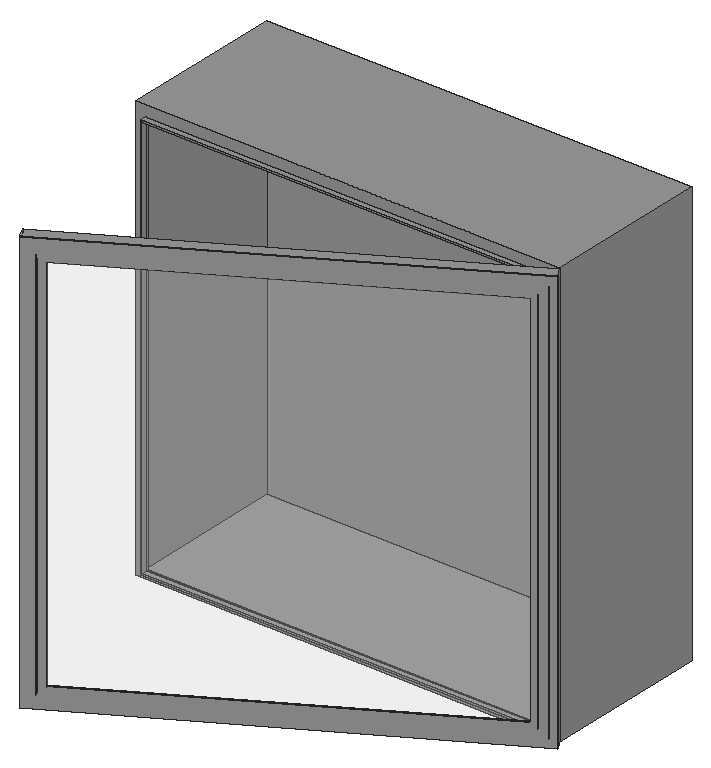
Revit family "Hager-Orion_Inox-IP66-D250-Cl.I-Inox_encl-630A-600mm-NoHosted-CH-en", category Electrical Equipment, Revit 2020
Family settings
  Panel Configuration = Two Columns, Circuits Across
  Round Connector Dimension = Use Diameter
  Part Type = Panelboard
  Work Plane-Based = Yes
  Always vertical = Yes
  Cut with Voids When Loaded = No
  Shared = No
  Room Calculation Point = No
Parameters (values of type "Surface mounted (plaster) IP66 W600 H600 D250  - FL029TWL")
  Width Control [instance] = if([EF000008 - Width] > Min Width, [EF000008 - Width], Min Width)  # 600 mm
  Type Comments = [HG000003 - Range]  # "Orion Inox"
  Thickness Door [instance] = if([EF009171 - Material plate thickness door/cover] > 3 mm, 3 mm, [EF009171 - Material plate thickness door/cover])  # 1.5 mm
  Seal Frame Offset [instance] = 17 mm  # constant formula
  Min Width [instance] = 100 mm  # constant formula
  Min Depth [instance] = (2 * [EF009170 - Material plate thickness cabinet]) + 1 mm  # 4 mm
  Min Height [instance] = 100 mm  # constant formula
  Internal Frame Depth [instance] = -(Door System Depth * 0.5)  # -9 mm
  Panel Name [instance] = ""  # (empty or 0)
  Model = ""
  HG000027 - Plinth height = 0 mm
  HG000026 - Floor standing = no
  HG000024 - Bottom section height = 600 mm
  HG000023 - Double section enclosure = no
  HG000016 - Door 3d visibility [instance] = yes
  HG000015 - Clearance visibility [instance] = no
  HG000014 - Door on the right [instance] = yes
  HG000013 - Door on the left [instance] = not([HG000014 - Door on the right])  # no
  HG000012 - Door swing angle [instance] = 30.00°
  HG000010 - Asymmetric doors = no
  HG000009 - Double swing door = no
  HG000006 - Flush mounted = no
  HG000004 - Manufacturer reference = "FL029TWL"
  HG000003 - Range = "Orion Inox"
  HG000002 - With door or cover = yes
  Frame Offset Bottom [instance] = 10 mm  # constant formula
  Frame Offset [instance] = 15 mm  # constant formula
  EF015940 - Cover with overpressure release = no
  EF011959 - Degree of protection (NEMA) = ""
  EF009554 - Number of openings for flange plates = 0
  EF009212 - Cover model = "EV000116 - Closed"
  EF009171 - Material plate thickness door/cover = 1.5 mm
  EF009170 - Material plate thickness cabinet = 1.5 mm
  EF008873 - Nominal current (In) = 630 A
  EF007800 - Suitable for lightning protection = no
  EF006306 - With lock = yes
  EF006244 - Transparent cover/door = yes
  EF005474 - Degree of protection (IP) = "EV006422 - IP66"
  EF004464 - Type of door = "EV002646 - Single"
  EF004427 - Number of modules = 0
  EF004293 - Impact strength = "EV006814 - IK08"
  EF003532 - Suitable for outdoor use = yes
  EF002950 - Width in number of modular spacings = 0
  EF001613 - Circuit integrity = "EV000494 - None"
  EF001596 - Material housing = "EV000166 - Stainless steel"
  EF001131 - Internal depth = 216 mm
  EF001088 - Extension possible = yes
  EF000437 - Number of conduit inlets = 0
  EF000339 - Type of cover = "EV004216 - Door"
  EF000266 - Number of rows = 0
  EF000218 - Built-in depth = 0 mm
  EF000118 - With mounting plate = no
  EF000116 - RAL-number = ""
  EF000049 - Depth = 250 mm
  EF000040 - Height = 600 mm
  EF000008 - Width = 600 mm
  EF000007 - Colour = "EV000154 - Other"
  EF000003 - Mounting method = "EV000384 - Surface mounted (plaster)"
  Door System Leaf Tolerance [instance] = 1.5 mm  # constant formula
  Door System Depth [instance] = 18 mm  # constant formula
  Description = ""
  Default Elevation = 1219.2 mm
  Connector Offset [instance] = Height Control / 2  # 300 mm
  Manufacturer = "Hager"  # constant formula
  Height Control [instance] = if([EF000040 - Height] > Min Height, [EF000040 - Height], Min Height)  # 600 mm
  Depth Control [instance] = if([EF000049 - Depth] > Min Depth, [EF000049 - Depth], Min Depth)  # 250 mm
Types (4, lengths in mm): name | Width Control | HG000004 - Manufacturer reference | EF009212 - Cover model | EF006306 - With lock | EF006244 - Transparent cover/door | EF004293 - Impact strength | EF001613 - Circuit integrity | EF000008 - Width
  Surface mounted (plaster) IP66 W400 H600 D250  - FL029BW | 400 | "FL029BW" | "EV009916 - With notch" | no | no | "EV008784 - IK10" | "" | 400
  Surface mounted (plaster) IP66 W600 H600 D250  - FL029BWL | 600 | "FL029BWL" | "EV009916 - With notch" | no | no | "EV008784 - IK10" | "" | 600
  Surface mounted (plaster) IP66 W600 H600 D250  - FL029TW | 600 | "FL029TW" | "EV000116 - Closed" | yes | yes | "EV006814 - IK08" | "EV000494 - None" | 600
  Surface mounted (plaster) IP66 W600 H600 D250  - FL029TWL | 600 | "FL029TWL" | "EV000116 - Closed" | yes | yes | "EV006814 - IK08" | "EV000494 - None" | 600
Reference planes
  plane 1 "Center (Front/Back)": y = 0
  plane 2: z = 0
  plane 3 "Center (Left/Right)": x = 0
  plane 4: y = 0
  plane 5: y = 0
  plane 6: z = 0
  plane 7: x = -300
  plane 8: x = 300
  plane 9: x = 298.5
  plane 10: x = -298.5
  plane 11: z = 0
  plane 12: z = 1.5
  plane 13: y = -250
  plane 14: y = -1.5
  plane 15: x = 0
  plane 16: y = -232
  plane 17: y = -248.5
  plane 18: y = -230.5
  plane 19: x = -283.5
  plane 20: x = 283.5
  plane 21: z = 11.5
  plane 22: x = -283
  plane 23: x = 283
  plane 24: z = 0
  plane 25: z = 600
  plane 26: z = 600
  plane 27: z = 583.5
  plane 28: z = 598.5
Forms (mm)
  Extrusion 1, solid, material "Hager_Stainless_Steel", detail levels medium+fine
    sketch origin (-208.679, -4572, 0) x (-1, 0, 0) y (0, -1, 0)
      loop
        line (91.321, -4340) -> (-508.679, -4340) -> (-508.679, -4572) -> (91.321, -4572) -> (91.321, -4340)
    from 0 to 600
  Extrusion 2, void
    sketch origin (-350.771, -250, 1219.2) x (1, 0, 0) y (0, 0, 1)
      loop
        line (52.271, -620.7) -> (52.271, -1217.7) -> (649.271, -1217.7) -> (649.271, -620.7) -> (52.271, -620.7)
    from -19.5 to -248.5
  Extrusion 3, void
    sketch origin (-290.084, -232, 1219.2) x (1, 0, 0) y (0, 0, 1)
      loop
        line (6.584, -1207.7) -> (573.584, -1207.7) -> (573.584, -635.7) -> (6.584, -635.7) -> (6.584, -1207.7)
    from 0 to -1.5
  Extrusion 4, solid, material "Hager_Stainless_Steel", detail levels fine
    sketch origin (-290.084, -232, 1219.2) x (-1, 0, 0) y (0, 0, 1)
      loop
        line (-573.584, -1207.7) -> (-6.584, -1207.7) -> (-6.584, -635.7) -> (-573.584, -635.7) -> (-573.584, -1207.7)
      loop
        line (-575.084, -1209.2) -> (-5.084, -1209.2) -> (-5.084, -634.2) -> (-575.084, -634.2) -> (-575.084, -1209.2)
    from 0 to -9 <- "Internal Frame Depth"
  Extrusion 5, solid, material "Hager_Stainless_Steel", detail levels coarse
    sketch origin (0, 0, 0) x (1, 0, 0) y (0, 1, 0)
      loop
        line (-300, 0) -> (-300, -250) -> (300, -250) -> (300, 0) -> (-300, 0)
    from 0 to 600 <- "Height Control"
Cuts and joins
  Extrusion 2, Extrusion 3 cuts Extrusion 1
Lines and regions (mm)
  Masking region 1
    outline origin (0, 0, 0) x (1, 0, 0) y (0, 1, 0)
      loop
        line (-300, 0) -> (-300, -250) -> (300, -250) -> (300, 0) -> (-300, 0)
  Masking region 2
    outline origin (-290.084, -232, 1219.2) x (-1, 0, 0) y (0, 0, 1)
      loop
        line (-590.084, -1219.2) -> (9.916, -1219.2) -> (9.916, -619.2) -> (-590.084, -619.2) -> (-590.084, -1219.2)
  Masking region 3, detail levels coarse
    outline origin (0, 0, 0) x (0, 1, 0) y (0, 0, 1)
      loop
        line (0, 0) -> (0, 600) -> (-250, 600) -> (-250, 0) -> (0, 0)
  Masking region 4, detail levels medium+fine
    outline origin (0, 0, 594.038) x (0, 1, 0) y (0, 0, 1)
      loop
        line (0, -594.038) -> (0, 5.962) -> (-232, 5.962) -> (-232, -594.038) -> (0, -594.038)
Dimensions and locks
  locked: plane 1 "Center (Front/Back)" to plane 5
  "EF009170 - Material plate thickness cabinet": plane 7 to plane 10
  "EF009170 - Material plate thickness cabinet": plane 8 to plane 9
  equal spacing: plane 7, plane 3 "Center (Left/Right)", plane 8
  "Width Control": plane 7 to plane 8
  "Depth Control": plane 4 to plane 13
  "EF009170 - Material plate thickness cabinet": plane 4 to plane 14
  "Height Control": plane 25 to level
  "EF009170 - Material plate thickness cabinet": plane 12 to plane 11
  "EF009170 - Material plate thickness cabinet": plane 17 to plane 13
  "EF009170 - Material plate thickness cabinet": plane 18 to plane 16
  "Frame Offset Bottom": plane 21 to plane 12
  "Frame Offset": plane 10 to plane 19
  "Frame Offset": plane 9 to plane 20
  "Door System Depth": plane 16 to plane 13
  "Seal Frame Offset": plane 7 to plane 22
  "Seal Frame Offset": plane 8 to plane 23
  "EF009170 - Material plate thickness cabinet": plane 26 to plane 28
  "Frame Offset": plane 28 to plane 27
  "Connector Offset": plane 2 to connector elem
  "Thickness Door": cut or joined group of Extrusion 1, Extrusion 2, Extrusion 3 to Extrusion 4 sketch curve
  "Thickness Door": Extrusion 4 sketch curve to plane 19
  "Thickness Door": Extrusion 4 sketch curve to plane 20
  "Thickness Door": Extrusion 4 sketch curve to plane 27
  aligned and locked: Extrusion 2 sketch curve to plane 12
  aligned and locked: Extrusion 2 sketch curve to plane 9
  aligned and locked: Extrusion 2 sketch curve to plane 10
  aligned and locked: plane 14 to Extrusion 2
  aligned and locked: plane 4 to Extrusion 1 sketch curve
  aligned and locked: plane 8 to Extrusion 1 sketch curve
  aligned and locked: plane 7 to Extrusion 1 sketch curve
  aligned and locked: Extrusion 2 to plane 18
  aligned and locked: Extrusion 3 sketch curve to plane 19
  aligned and locked: plane 20 to Extrusion 3 sketch curve
  aligned and locked: Extrusion 3 to Extrusion 2
  aligned and locked: Extrusion 3 sketch curve to plane 21
  aligned and locked: plane 3 "Center (Left/Right)" to nested 1
  aligned and locked: Extrusion 1 sketch curve to plane 16
  aligned and locked: Masking region 1 sketch curve to plane 7
  aligned and locked: Masking region 1 sketch curve to plane 5
  aligned and locked: Masking region 1 sketch curve to plane 8
  aligned and locked: Masking region 2 sketch curve to level
  aligned and locked: level to Masking region 3 sketch curve
  aligned and locked: plane 1 "Center (Front/Back)" to Masking region 3 sketch curve
  aligned and locked: plane 13 to Masking region 3 sketch curve
  aligned and locked: Masking region 2 sketch curve to plane 8
  aligned and locked: Masking region 2 sketch curve to plane 7
  aligned and locked: plane 7 to nested 2
  aligned and locked: nested 2 to plane 5
  aligned and locked: plane 5 to Masking region 4 sketch curve
  aligned and locked: plane 26 to Masking region 4 sketch curve
  aligned and locked: Extrusion 5 sketch curve to plane 8
  aligned and locked: Extrusion 5 sketch curve to plane 7
  aligned and locked: Extrusion 5 sketch curve to plane 5
  aligned and locked: Extrusion 3 sketch curve to plane 27
  aligned and locked: Extrusion 2 sketch curve to plane 28
  aligned and locked: Extrusion 4 sketch curve to plane 27
  aligned and locked: Extrusion 4 sketch curve to plane 20
  aligned and locked: Extrusion 4 sketch curve to plane 21
  aligned and locked: Extrusion 4 sketch curve to plane 19
  aligned and locked: Masking region 2 to plane 25
  aligned and locked: Masking region 4 sketch curve to plane 24
  aligned and locked: Masking region 1 to plane 13
  aligned and locked: nested 1 to plane 16
  aligned and locked: Masking region 3 to plane 25
  aligned and locked: Masking region 4 sketch curve to plane 16
  aligned and locked: plane 24 to plane 11
  aligned and locked: plane 26 to plane 25
  aligned and locked: level to plane 24
  aligned and locked: Extrusion 1 to Masking region 3
  aligned and locked: level to nested 1
Automatic sketch dimensions
  Extrusion 5 sketch curve to plane 13 = 0 mm
  plane 27 to Masking region 2 sketch curve = 16.5 mm
  plane 27 to Masking region 3 sketch curve = 16.5 mm
  Masking region 1 sketch curve to plane 13 = 0 mm
  Extrusion 3 sketch curve to plane 21 = 0 mm
  plane 19 to Extrusion 3 sketch curve = 0 mm
  Extrusion 3 sketch curve to plane 20 = 0 mm
Nested families
  nested 1: "EC000058_OrionInox_Door" at (0, -232, 0), Double <- "HG000009 - Double swing door", Transparent <- "EF006244 - Transparent cover/door", Angle <- "HG000012 - Door swing angle", Door_Right <- "HG000014 - Door on the right", Assymetrical <- "HG000010 - Asymmetric doors", Door <- "HG000002 - With door or cover", Width_Ctrl <- "Width Control", 3d_Door <- "HG000016 - Door 3d visibility", Clearance <- "HG000015 - Clearance visibility", Door_Left <- "HG000013 - Door on the left", Width <- "Width Control", Door_Depth <- "Door System Depth", Leaf_Tolerance <- "Door System Leaf Tolerance", Height <- "Height Control", Thickness <- "Thickness Door", type "EC000058_OrionInox_Door", detail levels medium+fine
    with min_wh 4 mm, Width_Ctrl 600 mm, Width 600 mm, Transparent yes, Thickness 1.5 mm, Seal_Material Hager_Rubber, Leaf_Width 600 mm, Leaf_Tolerance_External_Sides 0 mm, Leaf_Tolerance 1.5 mm, Leaf_Offset 0 mm, Leaf_Height 597 mm, Leaf_2_Width 600 mm, Leaf_2_Offset 300 mm, Leaf_1_Width 600 mm, Leaf_1_Offset 300 mm, Height_Ctrl 600 mm, Height 600 mm, Glass_Material Hager_Glass, Double_Clearance_Ctrl no, Double no, Door_Right_Ctrl yes, Door_Right yes, Door_Material Hager_Stainless_Steel, Door_Left_Ctrl no, Door_Left no, Door_Depth 18 mm, Door yes, Clearance_Material Hager_Clearance, Clearance_Depth 600 mm, Clearance_Ctrl no, Clearance no, Assymetrical no, Angle 30.00°, 3d_Door yes
  nested 2: "Hager_Enclosure_Symbol" at (-300, 0, 0), Height <- "Depth Control", Width <- "Width Control", type "Hager_Enclosure_Symbol"
    with Width_Ctrl 600 mm, Width 600 mm, Height_Ctrl 250 mm, Height 250 mm, A_Width_Int 16.406 mm, A_Width 196.875 mm, A_Height_Ctrl 218.75 mm, A_Height 218.75 mm
Connectors
  electrical at (0, 0, 300)
    settings: on plane 1 "Center (Front/Back)", index 1, voltage 0 V, apparent load 0 VA, apparent load phase1 0 VA, apparent load phase2 0 VA, apparent load phase3 0 VA, power factor 1, load classification "Other", number of poles 1, system type 30, power factor state 1, is connector primary yes, connector utility no, sub classification motor no, connector description ""
Definition of nested family "EC000058_OrionInox_Door"
  Parameters (values of type "EC000058_OrionInox_Door")
    min_wh [instance] = (2 * Thickness) + 1 mm  # 11 mm
    Width_Ctrl [instance] = 400 mm
    Width [instance] = 500 mm
    Transparent [instance] = yes
    Thickness [instance] = 5 mm
    Seal_Material [instance] = none
    Leaf_Width [instance] = if((Width_Ctrl - 2 * Leaf_Tolerance_External_Sides) > 0 mm, (Width_Ctrl - 2 * Leaf_Tolerance_External_Sides), min_wh)  # 400 mm
    Leaf_Tolerance_External_Sides [instance] = 0 mm  # constant formula
    Leaf_Tolerance [instance] = 1.5 mm
    Leaf_Offset [instance] = 0 mm  # constant formula
    Leaf_Height [instance] = if((Height_Ctrl - 2 * Leaf_Tolerance) > 0 mm, (Height_Ctrl - 2 * Leaf_Tolerance), min_wh)  # 497 mm
    Leaf_2_Width [instance] = if(and(and(Double, Assymetrical), Door_Left), (Leaf_Width / 3) - (Leaf_Tolerance / 2), if(and(and(Double, Assymetrical), Door_Right), (Leaf_Width / 3) * 2 - (Leaf_Tolerance / 2), if(and(Double, not(Assymetrical)), (Leaf_Width / 2) - Leaf_Tolerance, Leaf_Width)))  # 400 mm
    Leaf_2_Offset [instance] = if(and(Double, Assymetrical), Leaf_2_Width / 2, if(and(Double, not(Assymetrical)), Leaf_Width / 4, Leaf_Width / 2))  # 200 mm
    Leaf_1_Width [instance] = if(and(and(Double, Assymetrical), Door_Right), (Leaf_Width / 3) - (Leaf_Tolerance / 2), if(and(and(Double, Assymetrical), Door_Left), (Width / 3) * 2 - (Leaf_Tolerance / 2), if(and(Double, not(Assymetrical)), (Leaf_Width / 2) - Leaf_Tolerance, Leaf_Width)))  # 400 mm
    Leaf_1_Offset [instance] = if(and(Double, Assymetrical), Leaf_1_Width / 2, if(and(Double, not(Assymetrical)), Leaf_Width / 4, Leaf_Width / 2))  # 200 mm
    Height_Ctrl [instance] = if(Height > min_wh, Height, min_wh)  # 500 mm
    Height [instance] = 500 mm
    Glass_Material [instance] = none
    Double_Clearance_Ctrl [instance] = and(Double, Clearance)  # no
    Double [instance] = no
    Door_Right_Ctrl [instance] = and(or(Door_Right, Double), Door)  # yes
    Door_Right [instance] = yes
    Door_Material [instance] = none
    Door_Left_Ctrl [instance] = and(or(Door_Left, Double), Door)  # no
    Door_Left [instance] = no
    Door_Depth [instance] = 30 mm
    Door [instance] = yes
    Default Elevation = 1219.2 mm
    Clearance_Material [instance] = none
    Clearance_Depth [instance] = if(Leaf_1_Width > Leaf_2_Width, Leaf_1_Width, Leaf_2_Width)  # 400 mm
    Clearance_Ctrl [instance] = and(not(Double), Clearance)  # yes
    Clearance [instance] = yes
    Assymetrical [instance] = yes
    Angle [instance] = 30.00°
    3d_Door [instance] = yes
  Reference planes
    plane 1 "Center (Front/Back)": y = 0
    plane 2 "Bottom": z = 0
    plane 3 "Center (Left/Right)": x = 0
    plane 4: z = 500
    plane 5: x = -200
    plane 6: x = 200
    plane 7: z = 500
    plane 8: x = -200
    plane 9: z = 0
    plane 10: x = 200
    plane 11: y = 0
    plane 12: z = 1.5
    plane 13: x = -600
    plane 14: y = -400
    plane 15: x = 600
    plane 16: x = 0
    plane 17: x = 0
    plane 18: x = -200
    plane 19: x = 200
    plane 20: z = 498.5
  Forms (mm)
    Extrusion 1, solid, material <- "Clearance_Material", visible <- "Double_Clearance_Ctrl"
      sketch origin (1200, 0, 0) x (1, 0, 0) y (0, 0, -1)
        loop
          line (-1800, -498.5) -> (-600, -498.5) -> (-600, 0) -> (-1800, 0) -> (-1800, -498.5)
      from 0 to -400
  Dimensions and locks
    equal spacing: plane 5, plane 3 "Center (Left/Right)", plane 6
    "Width_Ctrl": plane 5 to plane 6
    "Leaf_Offset": plane 5 to plane 8
    "Leaf_Offset": plane 6 to plane 10
    "Leaf_Offset": plane 9 to level
    "Leaf_Offset": plane 4 to plane 7
    "Height_Ctrl": plane 4 to level
    "Leaf_Tolerance": plane 12 to plane 9
    locked: plane 11 to plane 1 "Center (Front/Back)"
    "Leaf_1_Offset": plane 18 to plane 16
    "Leaf_2_Offset": plane 17 to plane 19
    "Leaf_1_Width": plane 13 to plane 8
    "Leaf_2_Width": plane 10 to plane 15
    "Clearance_Depth": plane 14 to plane 1 "Center (Front/Back)"
    "Leaf_Tolerance_External_Sides": plane 8 to plane 18
    "Leaf_Tolerance_External_Sides": plane 19 to plane 10
    "Leaf_Tolerance": plane 7 to plane 20
    aligned and locked: level to plane 2 "Bottom"
    aligned and locked: nested 1 to plane 16
    aligned and locked: nested 2 to plane 17
    aligned and locked: Extrusion 1 to plane 13
    aligned and locked: plane 15 to Extrusion 1
    aligned and locked: Extrusion 1 to plane 14
    aligned and locked: plane 12 to nested 1
    aligned and locked: nested 2 to plane 12
    aligned and locked: Extrusion 1 to plane 11
    aligned and locked: plane 20 to Extrusion 1
    aligned and locked: nested 2 to plane 11
    aligned and locked: nested 1 to plane 11
  Automatic sketch dimensions
    Extrusion 1 sketch curve to level = 0 mm
    plane 5 to Extrusion 1 sketch curve = 400 mm
    plane 6 to Extrusion 1 sketch curve = 400 mm
    Extrusion 1 sketch curve to plane 4 = 1.5 mm
  Nested families
    nested 1: "EC000058_OrionInox_Door_Leaf" at (0, 0, 1.5), Width <- "Leaf_1_Width", visible <- "Door_Left_Ctrl", Leaf_Height <- "Leaf_Height", Angle <- "Angle", 3d_Door <- "3d_Door", Transparent <- "Transparent", Clearance Material <- "Clearance_Material", Clearance <- "Clearance_Ctrl", Door_Material <- "Door_Material", Glass_Material <- "Glass_Material", Door_Depth <- "Door_Depth", Seal_Material <- "Seal_Material", Thickness <- "Thickness", type "EC000058_OrionInox_Door_Leaf"
      with Width 400 mm, Transparent_Ctrl yes, Transparent yes, Thickness 5 mm, Standard no, Seal_Material none, Seal_D2 8 mm, Seal_D1 1 mm, Offset_Internal_Frame 10 mm, Lock_Width 28 mm, Lock_Thickness 2 mm, Lock_Radius 6 mm, Leaf_Height 497 mm, Internal_Seal_Thickness 8 mm, Internal_Seal_Depth_2 4.5 mm, Internal_Frame_Depth 25 mm, Glass_Thickness -1 mm, Glass_Offset -2 mm, Glass_Material none, Door_Material none, Door_Depth 30 mm, Clearance Material none, Clearance yes, Angle_Ctrl 30.00°, Angle 30.00°, 3d_Door yes
    nested 2: "EC000058_OrionInox_Door_Leaf" at (0, 0, 1.5) x (-1, 0, 0) z (0, 0, 1), Width <- "Leaf_2_Width", visible <- "Door_Right_Ctrl", Leaf_Height <- "Leaf_Height", Angle <- "Angle", 3d_Door <- "3d_Door", Transparent <- "Transparent", Clearance Material <- "Clearance_Material", Clearance <- "Clearance_Ctrl", Door_Material <- "Door_Material", Glass_Material <- "Glass_Material", Door_Depth <- "Door_Depth", Seal_Material <- "Seal_Material", Thickness <- "Thickness", type "EC000058_OrionInox_Door_Leaf"
      with Width 400 mm, Transparent_Ctrl yes, Transparent yes, Thickness 5 mm, Standard no, Seal_Material none, Seal_D2 8 mm, Seal_D1 1 mm, Offset_Internal_Frame 10 mm, Lock_Width 28 mm, Lock_Thickness 2 mm, Lock_Radius 6 mm, Leaf_Height 497 mm, Internal_Seal_Thickness 8 mm, Internal_Seal_Depth_2 4.5 mm, Internal_Frame_Depth 25 mm, Glass_Thickness -1 mm, Glass_Offset -2 mm, Glass_Material none, Door_Material none, Door_Depth 30 mm, Clearance Material none, Clearance yes, Angle_Ctrl 30.00°, Angle 30.00°, 3d_Door yes
  Definition of nested family "EC000058_OrionInox_Door_Leaf"
    Parameters (values of type "EC000058_OrionInox_Door_Leaf")
      Width [instance] = 450 mm
      Transparent_Ctrl [instance] = and(Transparent, [3d_Door])  # yes
      Transparent [instance] = yes
      Thickness [instance] = 5 mm
      Standard [instance] = and(not(Transparent), [3d_Door])  # no
      Seal_Material [instance] = none
      Seal_D2 [instance] = 8 mm  # constant formula
      Seal_D1 [instance] = 1 mm  # constant formula
      Offset_Internal_Frame [instance] = 10 mm  # constant formula
      Lock_Width [instance] = Door_Depth - Lock_Thickness  # 28 mm
      Lock_Thickness [instance] = 2 mm  # constant formula
      Lock_Radius [instance] = 6 mm  # constant formula
      Leaf_Height [instance] = 450 mm
      Internal_Seal_Thickness [instance] = 8 mm  # constant formula
      Internal_Seal_Depth_2 [instance] = 4.5 mm  # constant formula
      Internal_Frame_Depth [instance] = if(Door_Depth - Thickness > 5 mm, Door_Depth - Thickness, 5 mm)  # 25 mm
      Glass_Thickness [instance] = if(Thickness > 15 mm, Glass_Offset + 10 mm, -1 mm)  # -1 mm
      Glass_Offset [instance] = if(Thickness > 15 mm, -(Thickness + 10 mm) / 2, -2 mm)  # -2 mm
      Glass_Material [instance] = none
      Door_Material [instance] = none
      Door_Depth [instance] = 30 mm
      Default Elevation = 0 mm
      Clearance Material [instance] = none
      Clearance [instance] = yes
      Angle_Ctrl [instance] = if(Angle > 180.00°, 180.00°, Angle)  # 90.00°
      Angle [instance] = 90.00°
      3d_Door [instance] = yes
    Reference planes
      plane 1 "Center (Front/Back)": y = 0
      plane 2: z = 0
      plane 3 "Center (Left/Right)": x = 0
      plane 4: y = 450
      plane 5: x = -225
      plane 6: x = 225
      plane 7: x = -675
      plane 8: z = 450
      plane 9: z = 30
      plane 10: z = 420
      plane 11: x = 195
      plane 12: x = -195
      plane 13: y = -3
      plane 14: z = 107.833
      plane 15: y = -5
      plane 16: y = -223.314
      plane 17: x = -225
      plane 18: y = 30
    Forms (mm)
      Extrusion 1, solid, material <- "Clearance Material", visible <- "Clearance"
        sketch origin (0, 0, 0) x (1, 0, 0) y (0, 0, 1)
          loop
            line (-675, 450) -> (-675, 0) -> (225, 0) -> (225, 450) -> (-675, 450)
        from 0 to -450
      Extrusion 2, solid, material <- "Door_Material", visible <- "Standard", detail levels medium+fine
        sketch origin (-225, 0, 0) x (0, 1, 0) y (-1, 0, 0)
          loop
            line (0, 30) -> (0, 25) -> (450, 25) -> (450, 30) -> (0, 30)
        from 0 to 450 <- "Leaf_Height"
      Extrusion 3, solid, material <- "Door_Material", visible <- "Transparent_Ctrl", detail levels medium+fine
        sketch origin (-225, 0, 0) x (0, 1, 0) y (-1, 0, 0)
          loop
            line (0, 25) -> (450, 25) -> (450, 30) -> (0, 30) -> (0, 25)
        from 0 to 450 <- "Leaf_Height"
      Extrusion 4, void
        sketch origin (-250, 450, 0) x (0, 1, 0) y (0, 0, -1)
          loop
            line (-30, -420) -> (-30, -30) -> (-420, -30) -> (-420, -420) -> (-30, -420)
        from 0 to 5 <- "Thickness"
      Sweep 5, solid, material <- "Seal_Material", visible <- "Transparent_Ctrl", detail levels fine
        path in 3D
          loop
            line (-250, 30, 30) -> (-250, 30, 420) -> (-250, 420, 420) -> (-250, 420, 30) -> (-250, 30, 30)
        profile origin (-250, 225, 30) x (1, 0, 0) y (0, 0, 1)
          loop
            line (0, 0) -> (0, -8) -> (1, -8) -> (1, 0) -> (0, 0)
      Extrusion 6, solid, material <- "Glass_Material", visible <- "Transparent_Ctrl", detail levels medium+fine
        sketch origin (-255, 0, 0) x (0, 1, 0) y (0, 0, -1)
          loop
            line (420, -420) -> (420, -30) -> (30, -30) -> (30, -420) -> (420, -420)
        from -2 <- "Glass_Offset" to -1 <- "Glass_Thickness"
      Extrusion 7, solid, material <- "Door_Material", visible <- "3d_Door", detail levels medium+fine
        sketch origin (-250, 450, 0) x (0, -1, 0) y (0, 0, -1)
          loop
            line (0, -450) -> (450, -450) -> (450, 0) -> (0, 0) -> (0, -450)
          loop
            line (445, -5) -> (5, -5) -> (5, -445) -> (445, -445) -> (445, -5)
        from 0 to 25 <- "Internal_Frame_Depth"
      Sweep 8, solid, material <- "Seal_Material", visible <- "Transparent_Ctrl", detail levels fine
        path in 3D
          loop
            line (-250, 0, 0) -> (-250, 450, 0) -> (-250, 450, 450) -> (-250, 0, 450) -> (-250, 0, 0)
        profile origin (-250, 0, 225) x (1, 0, 0) y (0, 1, 0)
          loop
            line (0, 10) -> (2.975, 10)
            arc (2.975, 10) -> (4.053, 10.447) -> (4.5, 11.525) r 1.525
            line (4.5, 11.525) -> (4.5, 16.527)
            arc (4.5, 16.527) -> (4.069, 17.569) -> (3.027, 18) r 1.473
            line (3.027, 18) -> (0, 18) -> (0, 10)
    Cuts and joins
      Extrusion 4 cuts Extrusion 3
    Lines and regions (mm)
      Masking region 1, detail levels medium+fine
        outline origin (0, 0, 0) x (0, 1, 0) y (0, 0, 1)
          loop
            line (0, 0) -> (30, 0) -> (30, 450) -> (0, 450) -> (0, 0)
      Masking region 2, detail levels medium+fine
        outline origin (0, 0, 0) x (1, 0, 0) y (0, 0, 1)
          loop
            line (-225, 450) -> (-225, 0) -> (225, 0) -> (225, 450) -> (-225, 450)
      symbolic lines
        curve 1: line (225, 0, 0) -> (-675, 0, 0)
        curve 2: arc (225, 0, 0) -> (-225, 450, 0) -> (-675, 0, 0) r 450
        curve 4: line (-255, 0, 0) -> (-255, 450, 0)
      reference lines
        curve 3: line (-225, 0, 0) -> (-225, 450, 0)
      symbolic lines, detail levels medium+fine
        curve 5: line (-255, 450, 0) -> (-250, 450, 0)
        curve 7: line (-250, 0, 0) -> (-255, 0, 0)
        curve 8: line (-250, 0, 0) -> (-225, 0, 0)
        curve 9: line (-225, 0, 0) -> (-225, 450, 0)
        curve 10: line (-225, 450, 0) -> (-250, 450, 0)
      symbolic lines, detail levels fine
        curve 6: line (-250, 450, 0) -> (-250, 0, 0)
      sketch lines
        curve 11: line (-250, 0, 450) -> (-250, 0, 0)
        curve 12: line (-250, 450, 0) -> (-250, 0, 0)
        curve 13: line (-250, 450, 450) -> (-250, 450, 0)
        curve 14: line (-250, 0, 450) -> (-250, 450, 450)
        curve 15: line (-250, 420, 30) -> (-250, 30, 30)
        curve 16: line (-250, 30, 30) -> (-250, 30, 420)
        curve 17: line (-250, 420, 420) -> (-250, 420, 30)
        curve 18: line (-250, 30, 420) -> (-250, 420, 420)
      symbolic lines, visible <- "Transparent", detail levels medium+fine
        curve 19: line (-195, 0, 420) -> (195, 0, 420)
        curve 20: line (-195, 0, 30) -> (-195, 0, 420)
        curve 21: line (195, 0, 30) -> (-195, 0, 30)
        curve 22: line (195, 0, 420) -> (195, 0, 30)
    Dimensions and locks
      "Width": plane 1 "Center (Front/Back)" to plane 4
      equal spacing: plane 5, plane 3 "Center (Left/Right)", plane 6
      "Width": plane 5 to plane 6
      "Width": plane 7 to plane 5
      "Leaf_Height": plane 8 to level
      "Width": curve 5 to curve 3
      "Width": curve 3 to curve 3
      plane 8 to plane 10 = 30 mm
      plane 9 to level = 30 mm
      plane 12 to plane 5 = 30 mm
      plane 6 to plane 11 = 30 mm
      Extrusion 4 sketch curve to Extrusion 3 = 30 mm
      Extrusion 3 to Extrusion 4 sketch curve = 30 mm
      Extrusion 1 to Extrusion 4 sketch curve = 30 mm
      curve 3 to Extrusion 4 sketch curve = 30 mm
      Extrusion 4 sketch curve to cut or joined group of Extrusion 3, Extrusion 4 = 30 mm
      cut or joined group of Extrusion 3, Extrusion 4 to Extrusion 6 sketch curve = 30 mm
      cut or joined group of Extrusion 3, Extrusion 4 to Extrusion 4 sketch curve = 30 mm
      "Thickness": curve 6 to curve 4
      "Thickness": Extrusion 7 sketch curve to Extrusion 7 sketch curve  (x4)
      "Door_Depth": curve 4 to curve 3
      "Offset_Internal_Frame": profile plane to Sweep 8 sketch curve
      "Internal_Seal_Thickness": Sweep 8 sketch curve to Sweep 8 sketch curve
      "Internal_Seal_Depth_2": profile plane to Sweep 8 sketch curve
      "Seal_D1": profile plane to Sweep 5 sketch curve
      "Seal_D2": profile plane to Sweep 5 sketch curve
      "Thickness": Extrusion 2 sketch curve to Extrusion 2 sketch curve
      "Door_Depth": plane 18 to plane 1 "Center (Front/Back)"
      radius of Sweep 8 sketch curve = 1.525 mm
      radius of Sweep 8 sketch curve = 1.473 mm
      "Angle_Ctrl": angle plane 1 "Center (Front/Back)" to curve 3
      aligned and locked: level to plane 2
      aligned and locked: Extrusion 1 to curve 1
      aligned and locked: plane 6 to Extrusion 1
      aligned and locked: plane 1 "Center (Front/Back)" to Extrusion 1
      aligned and locked: plane 4 to Extrusion 1
      aligned and locked: plane 8 to Extrusion 1
      aligned and locked: curve 7 to Extrusion 2 sketch curve
      aligned and locked: curve 5 to Extrusion 2 sketch curve
      aligned and locked: curve 7 to Extrusion 3 sketch curve
      aligned and locked: Extrusion 3 sketch curve to curve 4
      aligned and locked: Extrusion 3 sketch curve to curve 6
      aligned and locked: Extrusion 3 sketch curve to curve 5
      aligned and locked: curve 9 to curve 3
      aligned and locked: Extrusion 7 sketch curve to cut or joined group of Extrusion 3, Extrusion 4  (x4)
      aligned and locked: plane 17 to curve 3
      aligned and locked: plane 1 "Center (Front/Back)" to curve 3
      aligned and locked: plane 17 to plane 5
      aligned and locked: Sweep 8 sketch curve to profile plane
      aligned and locked: Sweep 5 sketch curve to profile plane  (x2)
      aligned and locked: plane 1 "Center (Front/Back)" to Masking region 1 sketch curve
      aligned and locked: plane 18 to Masking region 1 sketch curve
      aligned and locked: level to Masking region 1 sketch curve
      aligned and locked: Masking region 1 sketch curve to plane 8
      aligned and locked: plane 17 to Masking region 2 sketch curve
      aligned and locked: level to Masking region 2 sketch curve
      aligned and locked: Masking region 2 sketch curve to plane 8
      aligned and locked: plane 12 to curve 20
      aligned and locked: plane 10 to curve 19
      aligned and locked: plane 11 to curve 22
      aligned and locked: plane 9 to curve 21
      aligned and locked: Extrusion 2 sketch curve to cut or joined group of Extrusion 3, Extrusion 4
    Automatic sketch dimensions
      plane 1 "Center (Front/Back)" to curve 2 = 0 mm
      curve 2 to plane 5 = 0 mm
      Extrusion 1 sketch curve to level = 0 mm
      Extrusion 1 sketch curve to plane 7 = 0 mm
      Extrusion 1 sketch curve to plane 6 = 0 mm
      Extrusion 1 sketch curve to plane 8 = 0 mm
      Extrusion 3 to Extrusion 6 sketch curve = 30 mm  (x4)
      Masking region 2 sketch curve to plane 6 = 0 mm
      curve 4 to curve 3 = 0 mm
Definition of nested family "Hager_Enclosure_Symbol"
  Parameters (values of type "Hager_Enclosure_Symbol")
    Width_Ctrl [instance] = if(Width > 1 mm, Width, 1 mm)  # 102.27 mm
    Width [instance] = 102.27 mm
    Height_Ctrl [instance] = if(Height > 1 mm, Height, 1 mm)  # 66.5 mm
    A_Width_Int [instance] = if(A_Width / 12 > 2 mm, A_Width / 12, 2 mm)  # 4.364 mm
    A_Width [instance] = if(A_Height_Ctrl * 0.9 > 2 mm, A_Height_Ctrl * 0.9, 2 mm)  # 52.369 mm
    A_Height_Ctrl [instance] = if(A_Height > 2 mm, A_Height, 2 mm)  # 58.188 mm
    Height [instance] = 66.5 mm
    A_Height [instance] = Height - (Height / 8)  # 58.188 mm
  Reference planes
    plane 1 "Centre (avant/arrière)": y = 0
    plane 2: z = 0
    plane 3 "Centre (gauche/droite)": x = 0
    plane 4: x = 52.369
    plane 5: y = 33.042
    plane 6: y = 41.77
    plane 7: y = 66.5
    plane 8: x = 26.184
    plane 9: y = 37.406
    plane 10: x = 102.27
    plane 11: y = 66.5
    plane 12: y = 8.313
  Lines and regions (mm)
    Filled region 1, type "Solid_Black", in view "Niveau de réf."
      outline origin (0, 0, 0) x (1, 0, 0) y (0, 1, 0)
        loop
          line (52.369, 66.5) -> (33.188, 54.536) -> (45.365, 45.006) -> (52.369, 66.5)
    Filled region 2, type "Solid_Black", in view "Niveau de réf."
      outline origin (0, 0, 0) x (1, 0, 0) y (0, 1, 0)
        loop
          line (0, 0) -> (102.27, 0) -> (102.27, 66.5) -> (0, 0)
    detail lines, in view "Niveau de réf."
      curve 1: line (0, 8.313, 0) -> (26.184, 41.77, 0)
      curve 2: line (26.184, 41.77, 0) -> (26.184, 33.042, 0)
      curve 3: line (26.184, 33.042, 0) -> (52.369, 66.5, 0)
  Dimensions and locks
    "A_Width": plane 3 "Centre (gauche/droite)" to plane 4
    equal spacing: plane 3 "Centre (gauche/droite)", plane 8, plane 4
    equal spacing: plane 6, plane 9, plane 5
    equal spacing: curve 3, Filled region 1 sketch curve, Filled region 1 sketch curve
    "Height_Ctrl": plane 1 "Centre (avant/arrière)" to plane 11
    "A_Height_Ctrl": plane 11 to plane 12
    equal spacing: plane 11, plane 9, plane 12
    "A_Width_Int": plane 6 to plane 9
    "Width_Ctrl": plane 3 "Centre (gauche/droite)" to plane 10
    angle Filled region 1 sketch curve to curve 3 = 20.00°
    angle curve 3 to Filled region 1 sketch curve = 20.00°
    locked: curve 3 to Filled region 1 sketch curve (angle 90.00°)
    aligned and locked: plane 10 to Filled region 2
    aligned and locked: plane 11 to Filled region 2 sketch curve
    aligned and locked: plane 10 to Filled region 2 sketch curve
    aligned and locked: plane 3 "Centre (gauche/droite)" to curve 1
    aligned and locked: plane 12 to curve 1
    aligned and locked: plane 7 to plane 11
  Automatic sketch dimensions
    Filled region 1 sketch curve to plane 4 = 0 mm
    Filled region 1 sketch curve to plane 7 = 0 mm
    plane 1 "Centre (avant/arrière)" to Filled region 2 sketch curve = 0 mm
    Filled region 2 sketch curve to plane 3 "Centre (gauche/droite)" = 0 mm
    curve 2 to plane 6 = 0 mm
    curve 2 to plane 8 = 0 mm
    curve 3 to plane 4 = 0 mm
    curve 2 to plane 5 = 0 mm
    curve 3 to plane 7 = 0 mm
